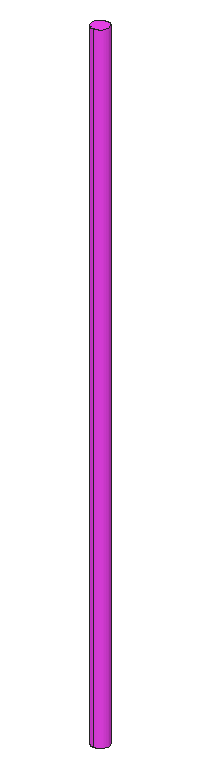
Revit family "Public Health - Drainage - Straight (Circle)", category Generic Models, Revit 2018
Family settings
  Can host rebar = No
  Round Connector Dimension = Use Diameter
  Part Type = Normal
  Always vertical = Yes
  Cut with Voids When Loaded = Yes
  Shared = Yes
  Room Calculation Point = No
Parameters (values of type "100 Diameter - 215 Opening - SVP")
  Pipe Type = Pipe - SVP
  Pipe Diameter = 100 mm
  Opening in Slab = 215 mm
  Model = "SVP"
  Cut Line Below [instance] = 0 mm
  Cut Line Above [instance] = 1200 mm
Types (8, lengths in mm): name | Pipe Type | Model
  100 Diameter - 215 Opening - SVP | Pipe - SVP | "SVP"
  100 Diameter - 215 Opening - AAV | Pipe - AAV | "AAV"
  100 Diameter - 215 Opening - Gully | Pipe - Gully | "GUL"
  100 Diameter - 215 Opening - Future Gully | Pipe - Future Gully | "FGC"
  100 Diameter - 215 Opening - SS | Pipe - SS | "SS"
  100 Diameter - 215 Opening - Dry Riser | Pipe - Dry Riser | "Riser"
  100 Diameter - 215 Opening - FDP | Pipe - DP | "FDP"
  100 Diameter - 215 Opening - DP | Pipe - DP | "DP"
Reference planes
  plane 1 "Center (Front/Back)": y = 0
  plane 2: z = 0
  plane 3 "Center (Left/Right)": x = 0
  plane 4 "Cut Above": z = 5200
  plane 5 "Cut Below": z = 0
Forms (mm)
  Sweep 1, solid, material "Pipe - SVP" <- "Pipe Type"
    path origin (0, 0, 0) x (1, 0, 0) y (0, 0, 1)
      loop
        line (0, 4000) -> (0, 0)
    profile origin (0, 0, 2000) x (0, -1, 0) y (1, 0, 0)
      loop
        circle (0, 0) r 50
  Sweep 2, void
    path origin (0, 0, 0) x (1, 0, 0) y (0, 0, 1)
      loop
        line (0, 4000) -> (0, 0)
    profile origin (0, 0, 2000) x (0, -1, 0) y (1, 0, 0)
      loop
        circle (0, 0) r 107.5
Lines and regions (mm)
  model lines, style "InvisibleLines"
    curve 1: line (0, 0, 5200) -> (0, 0, 0)
Dimensions and locks
  "Cut Line Above": plane 4 "Cut Above" to level
  "Cut Line Below": level to plane 5 "Cut Below"
  "Pipe Diameter": diameter of Sweep 1 sketch curve
  "Opening in Slab": diameter of Sweep 2 sketch curve
  aligned and locked: level to plane 2
  aligned and locked: Sweep 1 sketch curve to plane 3 "Center (Left/Right)"
  aligned and locked: level to Sweep 1 sketch curve  (x2)
  aligned and locked: Sweep 2 sketch curve to plane 3 "Center (Left/Right)"
  aligned and locked: level to Sweep 2 sketch curve  (x2)
  aligned and locked: curve 1 to plane 3 "Center (Left/Right)"
  aligned and locked: level to curve 1
  aligned and locked: plane 4 "Cut Above" to curve 1
  aligned and locked: plane 3 "Center (Left/Right)" to nested 1
Automatic sketch dimensions
  plane 1 "Center (Front/Back)" to Sweep 1 sketch curve = 0 mm
  Sweep 1 sketch curve to profile plane = 0 mm
  plane 1 "Center (Front/Back)" to Sweep 2 sketch curve = 0 mm
  Sweep 2 sketch curve to profile plane = 0 mm
Nested families
  nested 1: "Dashed Below (Straight)" at (0, 0, 0), Height <- "Cut Line Below", Pipe Diameter <- "Pipe Diameter", type "100 Diameter"
    with Pipe Radius 50 mm, Pipe Diameter 100 mm, Height 0 mm
Definition of nested family "Dashed Below (Straight)"
  Parameters (values of type "100 Diameter")
    Pipe Radius [instance] = Pipe Diameter / 2  # 50 mm
    Pipe Diameter [instance] = 100 mm
    Height [instance] = 500 mm
    Default Elevation = 1219.2 mm
  Reference planes
    plane 1 "Center (Front/Back)": y = 0
    plane 2 "Bottom": z = 0
    plane 3 "Center (Left/Right)": x = 0
    plane 4 "Below": z = -500
  Lines and regions (mm)
    model lines
      curve 1: line (0, 0, -500) -> (0, 0, 100)
      curve 2: arc (-50, 0, -500) -> (0, 50, -500) -> (50, 0, -500) r 50
      curve 3: arc (50, 0, -500) -> (0, -50, -500) -> (-50, 0, -500) r 50
    symbolic lines
      curve 4: arc (-50, 0, -500) -> (0, 50, -500) -> (50, 0, -500) r 50
      curve 5: arc (-50, 0, -500) -> (0, -50, -500) -> (50, 0, -500) r 50
  Dimensions and locks
    level to plane 4 "Below" = 500 mm
    "Height": plane 2 "Bottom" to plane 4 "Below"
    locked: curve 1 to plane 2 "Bottom" at 100
    locked: plane 3 "Center (Left/Right)" to curve 5
    "Pipe Radius": radius of curve 3
    "Pipe Radius": radius of curve 5
    aligned and locked: level to plane 2 "Bottom"
    aligned and locked: plane 3 "Center (Left/Right)" to curve 1
    aligned and locked: plane 4 "Below" to curve 1
  Automatic sketch dimensions
    plane 1 "Center (Front/Back)" to curve 2 = 0 mm
    plane 1 "Center (Front/Back)" to curve 4 = 0 mm
    curve 3 to plane 3 "Center (Left/Right)" = 0 mm
